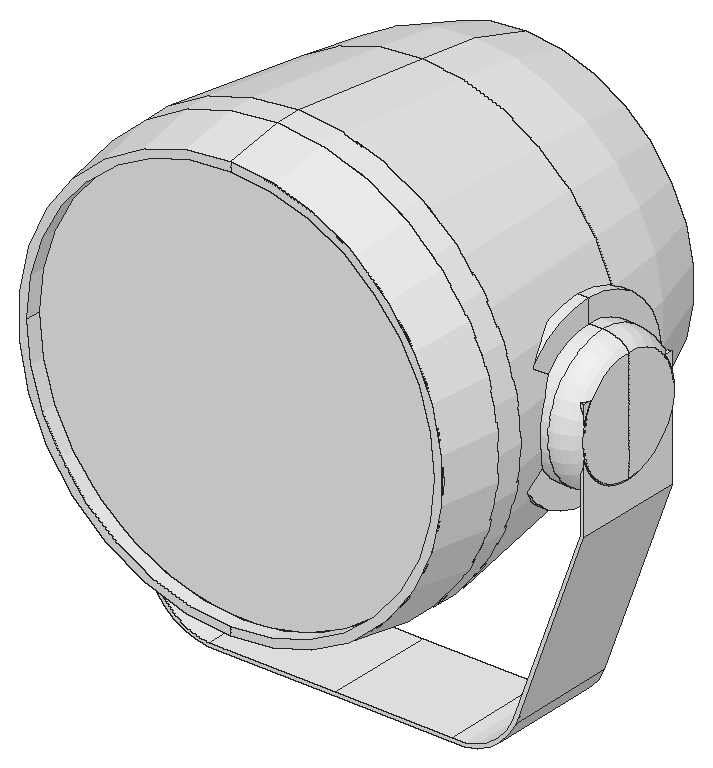
Revit family "Lighting-Accent-Acclaim-Dyna Drum EO White", category Lighting Fixtures, host Face, Revit 2015
Parameters
  Width = 8.80078"
  Wattage = 9.2903 W
  built-in parameter 1150110 = 1 (stored number, unit not read)
  Voltage = 0 V
  URL = "http://www.acclaimlighting.com/"
  built-in parameter 1114217 = 1 (stored number, unit not read)
  Tilt Angle = -90.00°
  built-in parameter 1150109 = 1 (stored number, unit not read)
  built-in parameter 1150134 = 3
  built-in parameter 1150113 = 1 (stored number, unit not read)
  Power Factor = 1
  Photometric Web File = "generic"
  Number of Poles = 1
  built-in parameter 1150142 = (empty or 0)
  Model = "Dyna Drum EO White"
  Manufacturer = "Acclaim Lighting"
  built-in parameter 1150105 = 109.82 (stored number, unit not read)
  Lumens = 1380 lm
  built-in parameter 1150115 = 1 (stored number, unit not read)
  built-in parameter 1150137 = (empty or 0)
  built-in parameter 1150139 = (empty or 0)
  Length = 6.48828"
  built-in parameter 1150112 = 1 (stored number, unit not read)
  built-in parameter 1150114 = 1 (stored number, unit not read)
  Lamp = "LED"
  built-in parameter 1150132 = (empty or 0)
  built-in parameter 1150102 = (empty or 0)
  built-in parameter 1150107 = 3200 (stored number, unit not read)
  built-in parameter 1150138 = (empty or 0)
  built-in parameter 1150106 = 1.0982 (stored number, unit not read)
  Housing Finish = Aluminum
  Height = 9.60"
  Emit from Circle Diameter = 7.00"
  Emit Shape Visible in Rendering = no
  built-in parameter 1150104 = 13.8 (stored number, unit not read)
  Dimming Lamp Color Temperature Shift = <None>
  Description = "Accent Fixture"
  Default Elevation = 48.00"
  Color Filter = 16777215
  built-in parameter 1114218 = 1 (stored number, unit not read)
  built-in parameter 1150133 = 10 (stored number, unit not read)
  Apparent Load = 0 VA
Reference planes (in)
  plane 1 "Center (Front/Back)": y = 0
  plane 2: z = 0
  plane 3 "Center (Left/Right)": x = 0
  plane 4: z = 9.6
  plane 5: z = 15.7
  plane 6: x = 0
  plane 7: z = 9.2
  plane 8: x = -4.40039
  plane 9: x = 4.40039
  plane 10: y = 3.24414
  plane 11: y = -3.24414
Forms (in)
  Revolve 1, solid, material "Aluminum" <- "Housing Finish"
    sketch origin (0, 0, -3.5) x (0, 1, 0) y (0, 0, 1)
      loop
        line (-3.25, 12.95) -> (-3.25, 9.2) -> (3.25, 9.2) -> (3.25, 12.17297)
        arc (3.25, 12.17297) -> (2.13766, 12.55268) -> (0.97615, 12.73258) r 6.71334
        line (0.97615, 12.73258) -> (-1.74708, 13.1153) -> (-2.2228, 13.1153) -> (-3.25, 12.95)
      axis (-3.25, 9.2) -> (3.25, 9.2)
    angle from 0 to 360
  Revolve 2, solid, material "Aluminum" <- "Housing Finish"
    sketch origin (0, 0, -3.5) x (1, 0, 0) y (0, 0, 1)
      loop
        line (4.41934, 9.06446) -> (4.41934, 10.06446)
        arc (4.41934, 10.06446) -> (4.21946, 10.22736) -> (3.96618, 10.27577) r 0.52626
        line (3.96618, 10.27577) -> (3.71618, 10.27577) -> (3.71618, 10.67747) -> (3.53341, 10.67747) -> (3.53341, 9.06446) -> (4.41934, 9.06446)
      axis (3.53341, 9.06446) -> (4.41934, 9.06446)
    angle from 0 to 360
  Revolve 3, solid, material "Aluminum" <- "Housing Finish"
    sketch origin (0, 0, -3.5) x (-1, 0, 0) y (0, 0, 1)
      loop
        line (4.41934, 9.06446) -> (4.41934, 10.06446)
        arc (4.41934, 10.06446) -> (4.21946, 10.22736) -> (3.96618, 10.27577) r 0.52626
        line (3.96618, 10.27577) -> (3.71618, 10.27577) -> (3.71618, 10.67747) -> (3.53341, 10.67747) -> (3.53341, 9.06446) -> (4.41934, 9.06446)
      axis (3.53341, 9.06446) -> (4.41934, 9.06446)
    angle from 0 to 360
  Extrusion 4, solid, material "Aluminum" <- "Housing Finish"
    sketch origin (0, 0, 0) x (1, 0, 0) y (0, 0, 1)
      loop
        line (-4.46618, 6.1548) -> (-4.46618, 4.0375) -> (-3.23446, 0.7436)
        arc (-3.23446, 0.7436) -> (-2.84461, 0.22275) -> (-2.23597, -0.00678) r 1.16031
        line (-2.23597, -0.00678) -> (0, -0.00678) -> (2.05858, -0.00678)
        arc (2.05858, -0.00678) -> (2.74595, 0.1562) -> (3.21141, 0.6876) r 1.16031
        line (3.21141, 0.6876) -> (4.40368, 4.0375) -> (4.40368, 6.1548) -> (4.34118, 6.1548) -> (4.34118, 4.05136) -> (3.15002, 0.70458)
        arc (3.15002, 0.70458) -> (2.70867, 0.20774) -> (2.06149, 0.05677) r 1.0973
        line (2.06149, 0.05677) -> (0, 0.05677) -> (-2.23352, 0.05677)
        arc (-2.23352, 0.05677) -> (-2.80782, 0.27431) -> (-3.17529, 0.76636) r 1.0973
        line (-3.17529, 0.76636) -> (-4.40368, 4.05136) -> (-4.40368, 6.1548) -> (-4.46618, 6.1548)
    from -0.97615 to 0.95624
  Extrusion 5, void
    sketch origin (0, 0, -3.5) x (1, 0, 0) y (0, 0, 1)
      loop
        circle (0, 9.2) r 3.60416
    from 2.98826 to 3.25
Cuts and joins
  Extrusion 5 cuts Revolve 1
Dimensions and locks (in)
  equal spacing: plane 9, plane 3 "Center (Left/Right)", plane 8
  "Width": plane 9 to plane 8
  "Height": plane 4 to host face
  equal spacing: plane 10, plane 1 "Center (Front/Back)", plane 11
  "Length": plane 10 to plane 11
  aligned and locked: plane 2 to host face
  aligned and locked: level to host face
Automatic sketch dimensions
  host sketch curve to host sketch curve = 96.00"  (x2)
  Revolve 1 sketch curve to plane 7 = 3.50"  (x2)
  plane 5 to Revolve 1 sketch curve = 6.25"
  plane 1 "Center (Front/Back)" to Revolve 1 sketch curve = 3.25"
  plane 5 to Revolve 1 sketch curve = 6.0847"
  Revolve 1 sketch curve to Revolve 1 sketch curve = 1.0272"
  Revolve 1 sketch curve to Revolve 1 sketch curve = 0.47571"
  Revolve 1 sketch curve to plane 1 "Center (Front/Back)" = 0.53335"
  plane 5 to Revolve 1 sketch curve = 6.46742"
  Revolve 1 sketch curve to plane 1 "Center (Front/Back)" = 0.97615"
  plane 5 to Revolve 1 sketch curve = 7.02703"
  Revolve 1 sketch curve to Revolve 1 sketch curve = 2.27385"
  Revolve 1 sketch curve to Revolve 1 sketch curve = 0.00"
  Revolve 1 sketch curve to Revolve 1 sketch curve = 5.25"
  Revolve 2 sketch curve to plane 7 = 3.63554"  (x2)
  Revolve 2 sketch curve to plane 9 = 0.86698"
  Revolve 2 sketch curve to Revolve 2 sketch curve = 0.18277"
  Revolve 2 sketch curve to Revolve 2 sketch curve = 0.25"
  Revolve 2 sketch curve to plane 9 = 0.40334"
  plane 9 to Revolve 2 sketch curve = 0.01895"
  Revolve 2 sketch curve to plane 7 = 2.94959"
  Revolve 2 sketch curve to Revolve 2 sketch curve = 0.31405"
  Revolve 2 sketch curve to Revolve 2 sketch curve = 0.40171"
  Revolve 2 sketch curve to Revolve 2 sketch curve = 0.00"
  Revolve 2 sketch curve to Revolve 2 sketch curve = 0.96247"
  plane 7 to Revolve 3 sketch curve = 3.63554"  (x2)
  Revolve 3 sketch curve to plane 8 = 0.86698"
  Revolve 3 sketch curve to Revolve 3 sketch curve = 0.18277"
  Revolve 3 sketch curve to Revolve 3 sketch curve = 0.25"
  Revolve 3 sketch curve to plane 8 = 0.40334"
  plane 8 to Revolve 3 sketch curve = 0.01895"
  plane 7 to Revolve 3 sketch curve = 2.94959"
  Revolve 3 sketch curve to Revolve 3 sketch curve = 0.31405"
  Revolve 3 sketch curve to Revolve 3 sketch curve = 0.40171"
  Revolve 3 sketch curve to Revolve 3 sketch curve = 0.00"
  Revolve 3 sketch curve to Revolve 3 sketch curve = 0.96247"
  Extrusion 5 sketch curve to plane 3 "Center (Left/Right)" = 0.00"
  Extrusion 5 sketch curve to plane 7 = 3.50"
  Extrusion 4 sketch curve to plane 3 "Center (Left/Right)" = 0.00"  (x2)
  Extrusion 4 sketch curve to plane 3 "Center (Left/Right)" = 2.14728"
  Extrusion 4 sketch curve to Extrusion 4 sketch curve = 0.00023"  (x2)
  level to Extrusion 4 sketch curve = 0.05677"
  Extrusion 4 sketch curve to Extrusion 4 sketch curve = 0.08624"
  Extrusion 4 sketch curve to level = 0.00678"
  Extrusion 4 sketch curve to Extrusion 4 sketch curve = 0.00245"
  level to Extrusion 4 sketch curve = 0.76636"
  Extrusion 4 sketch curve to Extrusion 4 sketch curve = 1.02779"
  Extrusion 4 sketch curve to plane 8 = 0.00329"
  Extrusion 4 sketch curve to Extrusion 4 sketch curve = 0.0625"
  plane 3 "Center (Left/Right)" to Extrusion 4 sketch curve = 2.05858"
  Extrusion 4 sketch curve to Extrusion 4 sketch curve = 0.00291"
  Extrusion 4 sketch curve to Extrusion 4 sketch curve = 0.08578"
  level to Extrusion 4 sketch curve = 0.70458"
  Extrusion 4 sketch curve to Extrusion 4 sketch curve = 1.00275"
  Extrusion 4 sketch curve to plane 9 = 0.05921"
  plane 9 to Extrusion 4 sketch curve = 0.00329"
  Extrusion 4 sketch curve to Extrusion 4 sketch curve = 0.00055"  (x2)
  Extrusion 4 sketch curve to Extrusion 4 sketch curve = 3.27114"
  Extrusion 4 sketch curve to Extrusion 4 sketch curve = 3.34678"
  Extrusion 4 sketch curve to Extrusion 4 sketch curve = 0.01386"  (x2)
  Extrusion 4 sketch curve to Extrusion 4 sketch curve = 2.10344"  (x2)
  Extrusion 4 sketch curve to Extrusion 4 sketch curve = 0.05917"
  Extrusion 4 sketch curve to Extrusion 4 sketch curve = 0.00037"
  Extrusion 4 sketch curve to Extrusion 4 sketch curve = 0.06139"
  Extrusion 4 sketch curve to Extrusion 4 sketch curve = 0.00014"
  radius of Extrusion 5 sketch curve = 3.60416"
Connectors (in)
  electrical at (0, 3.25, 5.7), driven by "Number of Poles", driven by "Voltage", driven by "Apparent Load", driven by "Power Factor"
    settings: on cut or joined group of Revolve 1, Extrusion 5, index 1, voltage 0 V, apparent load 0 VA, apparent load phase1 0 VA, apparent load phase2 0 VA, apparent load phase3 0 VA, power factor 1, load classification "Other", number of poles 1, system type 31, power factor state 1, is connector primary yes, connector utility no, sub classification motor no, connector description ""
